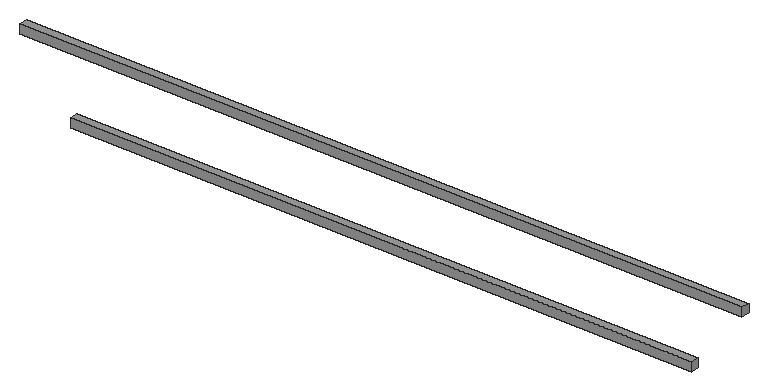
Revit family
Parameters (values of type "(2) 38x89 현재")
  현재 깊이 = 88.9 mm
  현재 폭 = 76.2 mm
  깊이 = 762 mm
  길이 [instance] = 7315.2 mm
Types (3, lengths in mm): name | 현재 깊이 | 현재 폭 | 깊이 | 길이
  (no name) | 88.9 | 76.2 | 762 | 7315.2
  38x89 현재 | 38.1 | 88.9 | 609.6 | 6096
  (2) 38x89 현재 | 88.9 | 76.2 | 762 | 7315.2
Reference planes
  plane 1 "축": y = 0
  plane 2 "삽입 기준면": z = 0
  plane 3 "중심": x = 1015.206
  plane 4 "왼쪽": x = -2642.394
  plane 5 "오른쪽": x = 4672.806
  plane 6: x = -2032.794
  plane 7: x = -1423.194
  plane 8: x = -813.594
  plane 9: x = -203.994
  plane 10: x = 405.606
  plane 11: x = 1624.806
  plane 12: x = 2234.406
  plane 13: x = 2844.006
  plane 14: x = 3453.606
  plane 15: x = 4063.206
  plane 16 "상단 또는 하단 - 변경": z = -762
  plane 17: y = -38.1
  plane 18: y = 38.1
  plane 19: z = -88.9
  plane 20: z = -673.1
  plane 21: x = -2134.394
  plane 22: x = 4164.806
Forms (mm)
  Extrusion 1, solid, material "목재 - 치수 재목"
    sketch origin (0, 0, 0) x (0, 1, 0) y (0, 0, 1)
      loop
        line (-38.1, -88.9) -> (38.1, -88.9) -> (38.1, 0) -> (-38.1, 0) -> (-38.1, -88.9)
    from -2642.394 to 4672.806
  Extrusion 2, solid, material "목재 - 치수 재목"
    sketch origin (0, 0, 0) x (0, 1, 0) y (0, 0, 1)
      loop
        line (-38.1, -762) -> (38.1, -762) -> (38.1, -673.1) -> (-38.1, -673.1) -> (-38.1, -762)
    from -2134.394 to 4164.806
Lines and regions (mm)
  symbolic lines
    curve 1: line (-2540.794, 0, 0) -> (4571.206, 0, 0)
  model lines, style "목재 투영"
    curve 2: line (-1423.194, 0, -88.9) -> (-813.594, 0, -673.1)
  model lines
    curve 3: line (-813.594, 0, -673.1) -> (-203.994, 0, -88.9)
    curve 4: line (-203.994, 0, -88.9) -> (405.606, 0, -673.1)
    curve 5: line (405.606, 0, -673.1) -> (1015.206, 0, -88.9)
    curve 6: line (1015.206, 0, -88.9) -> (1624.806, 0, -673.1)
    curve 7: line (1624.806, 0, -673.1) -> (2234.406, 0, -88.9)
    curve 8: line (2234.406, 0, -88.9) -> (2844.006, 0, -673.1)
    curve 9: line (2844.006, 0, -673.1) -> (3453.606, 0, -88.9)
    curve 10: line (3453.606, 0, -88.9) -> (4063.206, 0, -673.1)
    curve 11: line (4063.206, 0, -673.1) -> (4368.006, 0, -88.9)
    curve 12: line (-1423.194, 0, -88.9) -> (-2032.794, 0, -673.1)
    curve 13: line (-2032.794, 0, -673.1) -> (-2337.594, 0, -88.9)
Dimensions and locks
  "길이": plane 4 "왼쪽" to plane 5 "오른쪽"
  equal spacing: plane 4 "왼쪽", plane 6, plane 7, plane 8, plane 9, plane 10, plane 3 "중심", plane 11, plane 12, plane 13, plane 14, plane 15, plane 5 "오른쪽"
  equal spacing: plane 17, plane 1 "축", plane 18
  "현재 폭": plane 17 to plane 18
  "현재 깊이": plane 2 "삽입 기준면" to plane 19
  "현재 깊이": plane 16 "상단 또는 하단 - 변경" to plane 20
  plane 21 to plane 6 = 101.6 mm
  plane 15 to plane 22 = 101.6 mm
  equal spacing: plane 15, curve 11, plane 5 "오른쪽"
  "깊이": plane 2 "삽입 기준면" to plane 16 "상단 또는 하단 - 변경"
  equal spacing: plane 4 "왼쪽", curve 13, plane 6
  aligned and locked: plane 1 "축" to curve 1
  aligned and locked: curve 1 to plane 1 "축"
  aligned and locked: plane 17 to Extrusion 1 sketch curve
  aligned and locked: plane 2 "삽입 기준면" to Extrusion 1 sketch curve
  aligned and locked: plane 16 "상단 또는 하단 - 변경" to Extrusion 2 sketch curve
  aligned and locked: plane 18 to Extrusion 2 sketch curve
  aligned and locked: Extrusion 2 sketch curve to plane 18
  aligned and locked: Extrusion 2 to plane 22
  aligned and locked: plane 21 to Extrusion 2
  aligned and locked: plane 4 "왼쪽" to Extrusion 1
  aligned and locked: Extrusion 1 to plane 5 "오른쪽"
Automatic sketch dimensions
  curve 1 to plane 4 "왼쪽" = 101.6 mm
  plane 5 "오른쪽" to curve 1 = 101.6 mm
  Extrusion 1 sketch curve to plane 18 = 0 mm
  Extrusion 1 sketch curve to plane 19 = 0 mm
  Extrusion 2 sketch curve to plane 17 = 0 mm
  Extrusion 2 sketch curve to plane 20 = 0 mm
  curve 13 to plane 19 = 0 mm
  curve 13 to plane 6 = 0 mm
  curve 2 to plane 7 = 0 mm
  curve 3 to plane 8 = 0 mm
  curve 3 to plane 9 = 0 mm
  curve 4 to plane 10 = 0 mm
  curve 5 to plane 3 "중심" = 0 mm
  curve 7 to plane 11 = 0 mm
  curve 7 to plane 12 = 0 mm
  curve 8 to plane 13 = 0 mm
  curve 10 to plane 14 = 0 mm
  curve 11 to plane 15 = 0 mm
  curve 7 to plane 20 = 0 mm
  curve 2 to plane 20 = 0 mm
  curve 12 to plane 20 = 0 mm
  curve 4 to plane 20 = 0 mm
  curve 8 to plane 20 = 0 mm
  curve 11 to plane 20 = 0 mm
  curve 4 to plane 19 = 0 mm
  curve 6 to plane 19 = 0 mm
  curve 9 to plane 19 = 0 mm
  curve 2 to plane 19 = 0 mm
  curve 11 to plane 19 = 0 mm
  curve 7 to plane 19 = 0 mm
